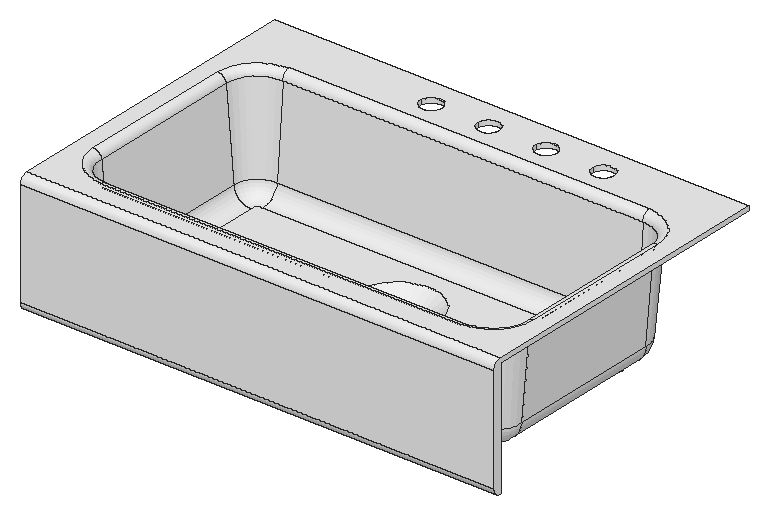
Revit family "Sink-Top_Mount-Kohler-Dickinson-6546X", category Plumbing Fixtures, Revit 2012
Parameters (values of type "White")
  zz Length 6 = 22.125"  # constant formula
  zz Length 5 [instance] = 0.000"
  zz Length 4 [instance] = if(zz Integer 1 = 4, 4.000", 0.000")  # 4.000"
  zz Length 3 = 8.750"  # constant formula
  zz Length 2 = 30.000"  # constant formula
  zz Length 1 = 33.000"  # constant formula
  zz Integer 2 = 1
  zz Integer 1 [instance] = if(Has Three Faucet Holes, 3, if(Has Four Faucet Holes, 4, 0))  # 4
  Width = 33.000"  # constant formula
  URL = "http://www.us.kohler.com/us/"
  Product Page URL = "http://www.us.kohler.com/us/catalog/productDetails.jsp?productNumber=6546-4"
  Product Material = Cast Iron - Kohler - White Enamel
  Part Number [instance] = if(zz Integer 1 = 3, if(zz Integer 2 = 1, "K-6546-3-0", if(zz Integer 2 = 2, "K-6546-3-96", if(zz Integer 2 = 3, "K-6546-3-47", if(zz Integer 2 = 4, "K-6546-3-7", "Not Available")))), if(zz Integer 1 = 4, if(zz Integer 2 = 1, "K-6546-4-0", if(zz Integer 2 = 2, "K-6546-4-96", if(zz Integer 2 = 3, "K-6546-4-47", if(zz Integer 2 = 4, "K-6546-4-7", "Not Available")))), "Not Available"))  # "K-6546-4-0"
  Part Description [instance] = if(zz Integer 1 = 3, if(zz Integer 2 = 1, "Dickinson Apron-Front Tile-In Single-Bowl Kitchen Sink With Three Faucet Holes, White", if(zz Integer 2 = 2, "Dickinson Apron-Front Tile-In Single-Bowl Kitchen Sink With Three Faucet Holes, Biscuit", if(zz Integer 2 = 3, "Dickinson Apron-Front Tile-In Single-Bowl Kitchen Sink With Three Faucet Holes, Almond", if(zz Integer 2 = 4, "Dickinson Apron-Front Tile-In Single-Bowl Kitchen Sink With Three Faucet Holes, Black", "Not Available")))), if(zz Integer 1 = 4, if(zz Integer 2 = 1, "Dickinson Apron-Front Tile-In Single-Bowl Kitchen Sink With Four Faucet Holes, White", if(zz Integer 2 = 2, "Dickinson Apron-Front Tile-In Single-Bowl Kitchen Sink With Four Faucet Holes, Biscuit", if(zz Integer 2 = 3, "Dickinson Apron-Front Tile-In Single-Bowl Kitchen Sink With Four Faucet Holes, Almond", if(zz Integer 2 = 4, "Dickinson Apron-Front Tile-In Single-Bowl Kitchen Sink With Four Faucet Holes, Black", "Not Available")))), "Not Available"))  # "Dickinson Apron-Front Tile-In Single-Bowl Kitchen Sink With Four Faucet Holes, White"
  Model Disclaimer = "Contact Kohler Company For More Information"  # constant formula
  Model = "See Part Number"  # constant formula
  Manufacturer = "Kohler Company"  # constant formula
  Height = 8.750"  # constant formula
  Has Three Faucet Holes [instance] = not(Has Four Faucet Holes)  # no
  Has Snap Locations [instance] = yes
  Has Four Faucet Holes [instance] = yes
  Faucet Holes [instance] = if(Has Three Faucet Holes, "Three", if(Has Four Faucet Holes, "Four", "Not Available"))  # "Four"
  Family Version = "1.0"  # constant formula
  Equipment Number [instance] = ""
  Equipment Abbreviation = "DSS"
  Drain Radius = 0.625"
  Drain Flow = 0 GPM
  Description = "See Part Description"  # constant formula
  Depth = 22.125"  # constant formula
  Date Modified = "March 13, 2015"  # constant formula
  Date Created = "March 13, 2015"  # constant formula
  Copyright = "Copyright ©2015 Kohler Company"  # constant formula
Types (5): name | zz Integer 2 | Product Material | Part Number | Part Description
  (no name) | 1 | Cast Iron - Kohler - White Enamel | "K-6546-4-0" | "Dickinson Apron-Front Tile-In Single-Bowl Kitchen Sink With Four Faucet Holes, White"
  White | 1 | Cast Iron - Kohler - White Enamel | "K-6546-4-0" | "Dickinson Apron-Front Tile-In Single-Bowl Kitchen Sink With Four Faucet Holes, White"
  Biscuit | 2 | Cast Iron - Kohler - Biscuit Enamel | "K-6546-4-96" | "Dickinson Apron-Front Tile-In Single-Bowl Kitchen Sink With Four Faucet Holes, Biscuit"
  Almond | 3 | Cast Iron - Kohler - Almond Enamel | "K-6546-4-47" | "Dickinson Apron-Front Tile-In Single-Bowl Kitchen Sink With Four Faucet Holes, Almond"
  Black | 4 | Cast Iron - Kohler - Black Enamel | "K-6546-4-7" | "Dickinson Apron-Front Tile-In Single-Bowl Kitchen Sink With Four Faucet Holes, Black"
Reference planes (in)
  plane 1 "Center (Front/Back)": y = 0
  plane 2 "Center (Elevation)": z = 0
  plane 3 "Center (Left/Right)": x = 0
  plane 4 "Back": y = 11.0625
  plane 5 "Front": y = -11.0625
  plane 6 "Left": x = -16.5
  plane 7 "Right": x = 16.5
  plane 8: z = -8.75
  plane 9: z = 0
  plane 10: z = -30
  plane 11: y = -8.72177
  plane 12: y = -9.02177
  plane 13: z = -7.73
  plane 14: z = -8.05
  plane 15: z = -0.55875
  plane 16: y = 7.45489
  plane 17: x = -15.3584
  plane 18: x = 15.35992
  plane 19: y = -6.69677
  plane 20: x = 13.03492
  plane 21: x = -13.0334
  plane 22: y = 5.12989
  plane 23: y = 4.62989
  plane 24: x = -12.5334
  plane 25: y = -6.19677
  plane 26: x = 12.53492
  plane 27: y = -10.47283
  plane 28: z = -0.31982
  plane 29: x = -4
  plane 30: x = 4
  plane 31: x = 8
  plane 32: y = 9.09375
  plane 33 "Snap Location Height": z = 0
  plane 34: x = 13.49845
  plane 35: y = 5.59342
  plane 36: x = -13.49692
  plane 37: y = -7.15993
  plane 38: x = -14.2334
  plane 39: y = 6.32989
  plane 40: x = 14.23492
  plane 41: y = -7.89677
  plane 42 "Drain": y = 1.09083
  plane 43: x = -2.8125
  plane 44 "Bottom": z = -14.88748
Forms (in)
  Sweep 1, solid, material "Cast Iron - Kohler - White Enamel" <- "Product Material"
    path origin (0, 0, 0) x (1, 0, 0) y (0, 1, 0)
      loop
        arc (12.53492, -6.69677) -> (12.88848, -6.55032) -> (13.03492, -6.19677) r 0.5
        line (13.03492, -6.19677) -> (13.03492, 4.62989)
        arc (13.03492, 4.62989) -> (12.88848, 4.98344) -> (12.53492, 5.12989) r 0.5
        line (12.53492, 5.12989) -> (-12.5334, 5.12989)
        arc (-12.5334, 5.12989) -> (-12.88695, 4.98344) -> (-13.0334, 4.62989) r 0.5
        line (-13.0334, 4.62989) -> (-13.0334, -6.19677)
        arc (-13.0334, -6.19677) -> (-12.88695, -6.55032) -> (-12.5334, -6.69677) r 0.5
        line (-12.5334, -6.69677) -> (12.53492, -6.69677)
    profile origin (0.00076, -6.69677, 0) x (0, -1, 0) y (0, 0, 1)
      loop
        line (1.49429, -6.6797) -> (2.02591, -0.54821)
        arc (2.02591, -0.54821) -> (2.10601, -0.38556) -> (2.27498, -0.31982) r 0.25
        line (2.27498, -0.31982) -> (2.325, -0.31982) -> (2.325, 0) -> (2.2753, 0)
        arc (2.2753, 0) -> (1.89007, -0.14988) -> (1.70743, -0.52071) r 0.57
        line (1.70743, -0.52071) -> (1.17548, -6.6521)
        arc (1.17548, -6.6521) -> (0.79743, -7.41973) -> (0, -7.73) r 1.17989
        line (0, -7.73) -> (0, -8.05)
        arc (0, -8.05) -> (1.01373, -7.65556) -> (1.49429, -6.6797) r 1.49989
  Extrusion 2, solid, material "Cast Iron - Kohler - White Enamel" <- "Product Material"
    sketch origin (0, 0, 0) x (1, 0, 0) y (0, 1, 0)
      loop
        arc (-12.5334, 5.12989) -> (-12.88695, 4.98344) -> (-13.0334, 4.62989) r 0.5
        line (-13.0334, 4.62989) -> (-13.0334, -6.19677)
        arc (-13.0334, -6.19677) -> (-12.88695, -6.55032) -> (-12.5334, -6.69677) r 0.5
        line (-12.5334, -6.69677) -> (12.53492, -6.69677)
        arc (12.53492, -6.69677) -> (12.88848, -6.55032) -> (13.03492, -6.19677) r 0.5
        line (13.03492, -6.19677) -> (13.03492, 4.62989)
        arc (13.03492, 4.62989) -> (12.88848, 4.98344) -> (12.53492, 5.12989) r 0.5
        line (12.53492, 5.12989) -> (-12.5334, 5.12989)
    from -8.05 to -7.73
  Extrusion 3, solid, material "Cast Iron - Kohler - White Enamel" <- "Product Material"
    sketch origin (0, 0, 0) x (1, 0, 0) y (0, 1, 0)
      loop
        line (-16.5, 11.0625) -> (-16.5, -10.47283) -> (16.5, -10.47283) -> (16.5, 11.0625) -> (-16.5, 11.0625)
      loop
        arc (-12.5334, 7.45489) -> (-14.53097, 6.62747) -> (-15.3584, 4.62989) r 2.825
        line (-15.3584, 4.62989) -> (-15.3584, -6.19677)
        arc (-15.3584, -6.19677) -> (-14.53097, -8.19434) -> (-12.5334, -9.02177) r 2.825
        line (-12.5334, -9.02177) -> (12.53492, -9.02177)
        arc (12.53492, -9.02177) -> (14.5325, -8.19434) -> (15.35992, -6.19677) r 2.825
        line (15.35992, -6.19677) -> (15.35992, 4.62989)
        arc (15.35992, 4.62989) -> (14.5325, 6.62747) -> (12.53492, 7.45489) r 2.825
        line (12.53492, 7.45489) -> (-12.5334, 7.45489)
      loop
        circle (-4, 9.09375) r 0.75
      loop
        circle (0, 9.09375) r 0.75
      loop
        circle (4, 9.09375) r 0.75
    from -0.31982 to 0
  Extrusion 4, solid, material "Cast Iron - Kohler - White Enamel" <- "Product Material"
    sketch origin (0, 0, 0) x (0, 1, 0) y (0, 0, 1)
      loop
        arc (-10.47283, 0) -> (-10.88979, -0.17271) -> (-11.0625, -0.58967) r 0.58967
        line (-11.0625, -0.58967) -> (-11.0625, -7.91033)
        arc (-11.0625, -7.91033) -> (-10.88979, -8.32729) -> (-10.47283, -8.5) r 0.58967
        line (-10.47283, -8.5) -> (-10.47283, 0)
    from -16.5 to 16.5
  Extrusion 5, void
    sketch origin (0, 0, 0) x (1, 0, 0) y (0, 1, 0)
      loop
        circle (8, 9.09375) r 0.75
    from -0.31982 to 0
  Extrusion 6, solid, material "Snap Locations", visible <- "Has Snap Locations"
    sketch origin (0, 0, 0) x (1, 0, 0) y (0, 1, 0)
      loop
        circle (4, 9.09375) r 0.75
      loop
        circle (0, 9.09375) r 0.75
      loop
        circle (-4, 9.09375) r 0.75
    from -0.31982 to 0
  Extrusion 7, solid, material "Snap Locations", visible <- "Has Snap Locations"
    sketch origin (0, 0, 0) x (1, 0, 0) y (0, 1, 0)
      loop
        circle (8, 9.09375) r 0.75
    from -0.31982 to 0
  Extrusion 8, solid, material "Cast Iron - Kohler - White Enamel" <- "Product Material"
    sketch origin (0, 0, 0) x (1, 0, 0) y (0, 1, 0)
      loop
        circle (-12.5334, 4.62989) r 0.3
      loop
        circle (-12.5334, -6.19677) r 0.3
      loop
        circle (12.53492, -6.19677) r 0.3
      loop
        circle (12.53492, 4.62989) r 0.3
    from -8.75 to -8.05
  Revolve 9, solid, material "Cast Iron - Kohler - White Enamel" <- "Product Material"
    sketch origin (-60, 1.09083, 120) x (-1, 0, 0) y (0, 0, 1)
      loop
        line (-57.1875, -128.05) -> (-57.1875, -127.73) -> (-58.28224, -128.64946)
        arc (-58.28224, -128.64946) -> (-58.37035, -128.7399) -> (-58.4025, -128.862) r 0.24796
        line (-58.4025, -128.862) -> (-58.4025, -129.39833)
        arc (-58.4025, -129.39833) -> (-58.43126, -129.48957) -> (-58.50716, -129.5478) r 0.15906
        line (-58.50716, -129.5478) -> (-58.80939, -129.65781)
        arc (-58.80939, -129.65781) -> (-59.02743, -129.82512) -> (-59.11008, -130.08724) r 0.45699
        line (-59.11008, -130.08724) -> (-59.11008, -130.81374)
        arc (-59.11008, -130.81374) -> (-59.13855, -130.88248) -> (-59.20729, -130.91096) r 0.09721
        line (-59.20729, -130.91096) -> (-59.25634, -130.91096)
        arc (-59.25634, -130.91096) -> (-59.2917, -130.9256) -> (-59.30634, -130.96096) r 0.05
        line (-59.30634, -130.96096) -> (-59.30634, -134.88748) -> (-59.25634, -134.88748) -> (-59.25634, -130.96096) -> (-59.20729, -130.96096)
        arc (-59.20729, -130.96096) -> (-59.1032, -130.91784) -> (-59.06008, -130.81374) r 0.14721
        line (-59.06008, -130.81374) -> (-59.06008, -130.08724)
        arc (-59.06008, -130.08724) -> (-58.98648, -129.8538) -> (-58.79229, -129.70479) r 0.40699
        line (-58.79229, -129.70479) -> (-58.49006, -129.59479)
        arc (-58.49006, -129.59479) -> (-58.3903, -129.51824) -> (-58.3525, -129.39833) r 0.20906
        line (-58.3525, -129.39833) -> (-58.3525, -128.862)
        arc (-58.3525, -128.862) -> (-58.32683, -128.76452) -> (-58.25649, -128.69232) r 0.19796
        line (-58.25649, -128.69232) -> (-57.1875, -128.05)
      axis (-60, -127.73) -> (-60, -134.88748)
    angle from 0 to 360
  Extrusion 10, void
    sketch origin (0, 0, 0) x (1, 0, 0) y (0, 1, 0)
      loop
        circle (0, 1.09083) r 2.8125
    from -14.88748 to -7.73
  Extrusion 11, void
    sketch origin (0, 0, 0) x (0, 1, 0) y (0, 0, 1)
      loop
        line (-10.47283, 0) -> (-10.47283, -8.5) -> (-9.02177, -8.5) -> (-9.02177, -14.88748) -> (7.45489, -14.88748) -> (7.45489, -0.31982) -> (11.0625, -0.31982) -> (11.0625, 0) -> (-10.47283, 0)
    from -16.5 to 16.5
Cuts and joins
  Extrusion 10 cuts Sweep 1
  Extrusion 10 cuts Extrusion 2
  Extrusion 5, Extrusion 10 cuts Extrusion 3
  Extrusion 10 cuts Extrusion 4
  joined: Sweep 1, Extrusion 2, Extrusion 3, Extrusion 4, Revolve 9
Lines and regions (in)
  Masking region 1, visible <- "Has Three Faucet Holes"
    outline origin (-60, -180, 0) x (-1, 0, 0) y (0, -1, 0)
      loop
        line (-43.5, -191.0625) -> (-43.5, -169.52717)
        arc (-43.5, -169.52717) -> (-43.67271, -169.11021) -> (-44.08967, -168.9375) r 0.58967
        line (-44.08967, -168.9375) -> (-75.91033, -168.9375)
        arc (-75.91033, -168.9375) -> (-76.32729, -169.11021) -> (-76.5, -169.52717) r 0.58967
        line (-76.5, -169.52717) -> (-76.5, -191.0625) -> (-43.5, -191.0625)
      loop
        circle (-56, -189.09375) r 0.75
      loop
        circle (-60, -189.09375) r 0.75
      loop
        circle (-64, -189.09375) r 0.75
  Masking region 2
    outline origin (-60, -180, 0) x (-1, 0, 0) y (0, -1, 0)
      loop
        arc (-46.50308, -187.45489) -> (-45.18682, -186.90968) -> (-44.6416, -185.59342) r 1.86147
        line (-44.6416, -185.59342) -> (-44.6416, -172.84007)
        arc (-44.6416, -172.84007) -> (-45.18692, -171.52355) -> (-46.50345, -170.97823) r 1.86184
        line (-46.50345, -170.97823) -> (-73.49808, -170.97823)
        arc (-73.49808, -170.97823) -> (-74.8146, -171.52355) -> (-75.35992, -172.84007) r 1.86184
        line (-75.35992, -172.84007) -> (-75.35992, -185.59342)
        arc (-75.35992, -185.59342) -> (-74.81471, -186.90968) -> (-73.49845, -187.45489) r 1.86147
        line (-73.49845, -187.45489) -> (-46.50308, -187.45489)
  Masking region 3, visible <- "Has Four Faucet Holes"
    outline origin (-60, -180, 0) x (-1, 0, 0) y (0, -1, 0)
      loop
        line (-43.5, -191.0625) -> (-43.5, -169.52717)
        arc (-43.5, -169.52717) -> (-43.67271, -169.11021) -> (-44.08967, -168.9375) r 0.58967
        line (-44.08967, -168.9375) -> (-75.91033, -168.9375)
        arc (-75.91033, -168.9375) -> (-76.32729, -169.11021) -> (-76.5, -169.52717) r 0.58967
        line (-76.5, -169.52717) -> (-76.5, -191.0625) -> (-43.5, -191.0625)
      loop
        circle (-56, -189.09375) r 0.75
      loop
        circle (-60, -189.09375) r 0.75
      loop
        circle (-64, -189.09375) r 0.75
      loop
        circle (-68, -189.09375) r 0.75
  model lines, style "Snap Locations", visible <- "Has Snap Locations"
    curve 1: line (-4, 9.84375, 0) -> (-4, 8.34375, 0)
    curve 2: line (0, 9.84375, 0) -> (0, 8.34375, 0)
    curve 3: line (4, 9.84375, 0) -> (4, 8.34375, 0)
    curve 4: line (8, 9.84375, 0) -> (8, 8.34375, 0)
    curve 5: line (-4.75, 9.09375, 0) -> (-3.25, 9.09375, 0)
    curve 6: line (-0.75, 9.09375, 0) -> (0.75, 9.09375, 0)
    curve 7: line (3.25, 9.09375, 0) -> (4.75, 9.09375, 0)
    curve 8: line (7.25, 9.09375, 0) -> (8.75, 9.09375, 0)
  symbolic lines, detail levels fine
    curve 9: line (-13.0334, 6.32989, 0) -> (13.03492, 6.32989, 0)
    curve 10: line (-14.2334, -6.69677, 0) -> (-14.2334, 5.12989, 0)
    curve 11: line (13.03492, -7.89677, 0) -> (-13.0334, -7.89677, 0)
    curve 12: arc (-14.2334, 5.12989, 0) -> (-13.88192, 5.97842, 0) -> (-13.0334, 6.32989, 0) r 1.2
    curve 13: arc (-14.2334, -6.69677, 0) -> (-13.88192, -7.5453, 0) -> (-13.0334, -7.89677, 0) r 1.2
    curve 14: line (14.23492, -6.69677, 0) -> (14.23492, 5.12989, 0)
    curve 15: arc (14.23492, 5.12989, 0) -> (13.88345, 5.97842, 0) -> (13.03492, 6.32989, 0) r 1.2
    curve 16: arc (14.23492, -6.69677, 0) -> (13.88345, -7.5453, 0) -> (13.03492, -7.89677, 0) r 1.2
    curve 26: circle (0, 1.09083, 0) r 2.8301 normal (0, 0, 1)
  symbolic lines
    curve 17: line (-12.5334, 5.12989, 0) -> (12.53492, 5.12989, 0)
    curve 18: line (-13.0334, -6.19677, 0) -> (-13.0334, 4.62989, 0)
    curve 19: line (12.53492, -6.69677, 0) -> (-12.5334, -6.69677, 0)
    curve 20: line (13.03492, 4.62989, 0) -> (13.03492, -6.19677, 0)
    curve 21: arc (-13.0334, 4.62989, 0) -> (-12.88695, 4.98344, 0) -> (-12.5334, 5.12989, 0) r 0.5
    curve 22: arc (-13.0334, -6.19677, 0) -> (-12.88695, -6.55032, 0) -> (-12.5334, -6.69677, 0) r 0.5
    curve 23: arc (12.53492, -6.69677, 0) -> (12.88848, -6.55032, 0) -> (13.03492, -6.19677, 0) r 0.5
    curve 24: arc (13.03492, 4.62989, 0) -> (12.88848, 4.98344, 0) -> (12.53492, 5.12989, 0) r 0.5
    curve 25: circle (0, 1.09083, 0) r 2.25 normal (0, 0, 1)
Dimensions and locks (in)
  equal spacing: plane 5 "Front", plane 1 "Center (Front/Back)", plane 4 "Back"
  equal spacing: plane 6 "Left", plane 3 "Center (Left/Right)", plane 7 "Right"
  "zz Length 1": plane 6 "Left" to plane 7 "Right"
  "zz Length 6": plane 4 "Back" to plane 5 "Front"
  "zz Length 3": plane 9 to plane 8
  locked: plane 2 "Center (Elevation)" to plane 10 at 30
  "zz Length 2": plane 9 to plane 10
  Sweep 1 sketch curve to Sweep 1 sketch curve to Sweep 1 sketch curve to Sweep 1 sketch curve to Sweep 1 sketch curve to Sweep 1 sketch curve to plane 1 "Center (Front/Back)" = 0.00032" locked, 0.24906" locked, 0.31848" locked, 0.21315" locked, 0.31881" locked, 7.87225" locked
  Sweep 1 sketch curve to Sweep 1 sketch curve to Sweep 1 sketch curve to Sweep 1 sketch curve to Sweep 1 sketch curve to Sweep 1 sketch curve to Sweep 1 sketch curve to plane 8 = 0.20089" locked, 0.02751" locked, 6.10389" locked, 0.02759" locked, 1.0503" locked, 0.320" locked, 0.700" locked
  plane 9 to plane 28 to plane 15 = 0.31982" locked, 0.23893" locked
  plane 13 to plane 14 to plane 8 to plane 44 "Bottom" = 0.320" locked, 0.700" locked, 6.13748" locked
  equal spacing: plane 29, plane 3 "Center (Left/Right)", plane 30
  "zz Length 4": plane 30 to plane 31
  locked: plane 29 to plane 30 at 8
  curve 5 to plane 29 to curve 5 to curve 6 to curve 6 to curve 7 to curve 7 = 0.750" locked, 0.750" locked, 2.500" locked, 1.500" locked, 2.500" locked, 1.500" locked
  curve 8 to plane 31 to curve 8 = 0.750" locked, 0.750" locked
  curve 1 to curve 2 to curve 3 to curve 4 to plane 32 to curve 1 to curve 2 to curve 3 to curve 4 = 0.000" locked, 0.000" locked, 0.000" locked, 0.750" locked, 0.750" locked, 0.000" locked, 0.000" locked, 0.000" locked
  "zz Length 5": plane 33 "Snap Location Height" to plane 9
  plane 3 "Center (Left/Right)" to Revolve 9 sketch curve to Revolve 9 sketch curve to Revolve 9 sketch curve to Revolve 9 sketch curve to Revolve 9 sketch curve to Revolve 9 sketch curve to Revolve 9 sketch curve to Revolve 9 sketch curve to Revolve 9 sketch curve to Revolve 9 sketch curve to Revolve 9 sketch curve to Revolve 9 sketch curve to Revolve 9 sketch curve to Revolve 9 sketch curve to Revolve 9 sketch curve = 0.69366" locked, 0.050" locked, 0.000" locked, 0.04905" locked, 0.000" locked, 0.09721" locked, 0.050" locked, 0.25069" locked, 0.0171" locked, 0.28513" locked, 0.0171" locked, 0.08756" locked, 0.050" locked, 0.07025" locked, 0.02575" locked
  Revolve 9 sketch curve to Revolve 9 sketch curve to Revolve 9 sketch curve to Revolve 9 sketch curve to Revolve 9 sketch curve to Revolve 9 sketch curve to Revolve 9 sketch curve to Revolve 9 sketch curve to Revolve 9 sketch curve to Revolve 9 sketch curve to Revolve 9 sketch curve to Revolve 9 sketch curve to Revolve 9 sketch curve to Revolve 9 sketch curve to Revolve 9 sketch curve to Revolve 9 sketch curve to Revolve 9 sketch curve to plane 44 "Bottom" = 0.04286" locked, 0.16969" locked, 0.000" locked, 0.53633" locked, 0.000" locked, 0.14947" locked, 0.04698" locked, 0.06302" locked, 0.04698" locked, 0.38245" locked, 0.000" locked, 0.72651" locked, 0.000" locked, 0.09721" locked, 0.050" locked, 0.000" locked, 3.92652" locked
  locked: Extrusion 11 sketch curve to plane 8 at 0.25
  Extrusion 4 sketch curve to Extrusion 4 sketch curve to Extrusion 4 sketch curve to Extrusion 4 sketch curve to plane 8 = 0.58967" locked, 7.32066" locked, 0.58967" locked, 0.250" locked
  plane 4 "Back" to plane 32 to plane 16 to plane 39 to plane 35 to plane 22 to plane 23 to plane 42 "Drain" = 1.96875" locked, 1.63886" locked, 1.125" locked, 0.73647" locked, 0.46353" locked, 0.500" locked, 3.53906" locked
  plane 25 to plane 19 to plane 37 to plane 41 to plane 11 to plane 12 to plane 27 to plane 5 "Front" = 0.500" locked, 0.46316" locked, 0.73684" locked, 0.825" locked, 0.300" locked, 1.45106" locked, 0.58967" locked
  plane 26 to plane 20 to plane 34 to plane 40 to plane 18 to plane 7 "Right" = 0.500" locked, 0.46353" locked, 0.73647" locked, 1.125" locked, 1.14008" locked
  plane 6 "Left" to plane 17 to plane 38 to plane 36 to plane 21 to plane 24 = 1.1416" locked, 1.125" locked, 0.73647" locked, 0.46353" locked, 0.500" locked
  locked: plane 3 "Center (Left/Right)" to Masking region 3 sketch curve at 8
  aligned and locked: plane 2 "Center (Elevation)" to level
  aligned and locked: Sweep 1 sketch curve to plane 9
  aligned and locked: plane 12 to Sweep 1 sketch curve
  aligned and locked: plane 21 to Sweep 1 sketch curve
  aligned and locked: Sweep 1 sketch curve to plane 22
  aligned and locked: Sweep 1 sketch curve to plane 20
  aligned and locked: plane 19 to Sweep 1 sketch curve  (x2)
  aligned and locked: plane 24 to Sweep 1 sketch curve  (x2)
  aligned and locked: plane 26 to Sweep 1 sketch curve  (x2)
  aligned and locked: plane 23 to Sweep 1 sketch curve  (x2)
  aligned and locked: plane 25 to Sweep 1 sketch curve  (x2)
  aligned and locked: Extrusion 2 sketch curve to plane 22
  aligned and locked: plane 21 to Extrusion 2 sketch curve
  aligned and locked: plane 19 to Extrusion 2 sketch curve
  aligned and locked: Extrusion 2 sketch curve to plane 20
  aligned and locked: plane 24 to Extrusion 2 sketch curve  (x2)
  aligned and locked: plane 23 to Extrusion 2 sketch curve  (x2)
  aligned and locked: plane 25 to Extrusion 2 sketch curve  (x2)
  aligned and locked: plane 26 to Extrusion 2 sketch curve  (x2)
  aligned and locked: plane 13 to Extrusion 2
  aligned and locked: Extrusion 2 to plane 14
  aligned and locked: Extrusion 3 sketch curve to plane 7 "Right"
  aligned and locked: Extrusion 3 sketch curve to plane 4 "Back"
  aligned and locked: plane 6 "Left" to Extrusion 3 sketch curve
  aligned and locked: plane 27 to Extrusion 3 sketch curve
  aligned and locked: plane 9 to Extrusion 3
  aligned and locked: Extrusion 3 to plane 28
  aligned and locked: Extrusion 3 sketch curve to plane 16
  aligned and locked: plane 17 to Extrusion 3 sketch curve
  aligned and locked: Extrusion 3 sketch curve to plane 18
  aligned and locked: plane 12 to Extrusion 3 sketch curve
  aligned and locked: plane 24 to Extrusion 3 sketch curve  (x2)
  aligned and locked: plane 23 to Extrusion 3 sketch curve  (x2)
  aligned and locked: plane 25 to Extrusion 3 sketch curve  (x2)
  aligned and locked: plane 26 to Extrusion 3 sketch curve  (x2)
  aligned and locked: plane 7 "Right" to Extrusion 4
  aligned and locked: Extrusion 4 to plane 6 "Left"
  aligned and locked: plane 29 to Extrusion 3 sketch curve
  aligned and locked: plane 3 "Center (Left/Right)" to Extrusion 3 sketch curve
  aligned and locked: plane 30 to Extrusion 3 sketch curve
  aligned and locked: plane 32 to Extrusion 3 sketch curve  (x3)
  aligned and locked: plane 31 to Extrusion 5 sketch curve
  aligned and locked: plane 32 to Extrusion 5 sketch curve
  aligned and locked: plane 9 to Extrusion 5
  aligned and locked: Extrusion 5 to plane 28
  aligned and locked: plane 29 to Extrusion 6 sketch curve
  aligned and locked: plane 3 "Center (Left/Right)" to Extrusion 6 sketch curve
  aligned and locked: plane 30 to Extrusion 6 sketch curve
  aligned and locked: plane 32 to Extrusion 6 sketch curve  (x3)
  aligned and locked: Extrusion 6 to plane 28
  aligned and locked: plane 31 to Extrusion 7 sketch curve
  aligned and locked: plane 32 to Extrusion 7 sketch curve
  aligned and locked: Extrusion 7 to plane 28
  aligned and locked: plane 33 "Snap Location Height" to Extrusion 6
  aligned and locked: plane 33 "Snap Location Height" to Extrusion 7
  aligned and locked: plane 24 to Extrusion 8 sketch curve  (x2)
  aligned and locked: plane 23 to Extrusion 8 sketch curve  (x2)
  aligned and locked: plane 25 to Extrusion 8 sketch curve  (x2)
  aligned and locked: plane 26 to Extrusion 8 sketch curve  (x2)
  aligned and locked: plane 14 to Extrusion 8
  aligned and locked: Extrusion 8 to plane 8
  aligned and locked: plane 6 "Left" to Masking region 1 sketch curve
  aligned and locked: Masking region 1 sketch curve to plane 4 "Back"
  aligned and locked: Masking region 1 sketch curve to plane 7 "Right"
  aligned and locked: plane 5 "Front" to Masking region 1 sketch curve
  aligned and locked: Masking region 2 sketch curve to plane 16
  aligned and locked: plane 17 to Masking region 2 sketch curve
  aligned and locked: Masking region 2 sketch curve to plane 18
  aligned and locked: plane 12 to Masking region 2 sketch curve
  aligned and locked: plane 36 to Masking region 2 sketch curve
  aligned and locked: plane 35 to Masking region 2 sketch curve  (x2)
  aligned and locked: plane 34 to Masking region 2 sketch curve
  aligned and locked: plane 37 to Masking region 2 sketch curve  (x2)
  aligned and locked: plane 38 to curve 10
  aligned and locked: curve 9 to plane 39
  aligned and locked: plane 41 to curve 11
  aligned and locked: plane 21 to curve 12
  aligned and locked: plane 21 to curve 13
  aligned and locked: plane 20 to curve 15
  aligned and locked: plane 20 to curve 16
  aligned and locked: plane 19 to curve 16
  aligned and locked: plane 19 to curve 13
  aligned and locked: plane 22 to curve 12
  aligned and locked: plane 22 to curve 15
  aligned and locked: plane 21 to curve 18
  aligned and locked: curve 20 to plane 20
  aligned and locked: curve 17 to plane 22
  aligned and locked: plane 19 to curve 19
  aligned and locked: plane 24 to curve 21
  aligned and locked: plane 23 to curve 21
  aligned and locked: plane 25 to curve 22
  aligned and locked: plane 24 to curve 22
  aligned and locked: plane 26 to curve 23
  aligned and locked: plane 25 to curve 23
  aligned and locked: plane 26 to curve 24
  aligned and locked: plane 23 to curve 24
  aligned and locked: plane 29 to Masking region 1 sketch curve
  aligned and locked: plane 3 "Center (Left/Right)" to Masking region 1 sketch curve
  aligned and locked: plane 30 to Masking region 1 sketch curve
  aligned and locked: plane 32 to Masking region 1 sketch curve  (x3)
  aligned and locked: Masking region 3 sketch curve to plane 4 "Back"
  aligned and locked: plane 5 "Front" to Masking region 3 sketch curve
  aligned and locked: plane 6 "Left" to Masking region 3 sketch curve
  aligned and locked: Masking region 3 sketch curve to plane 7 "Right"
  aligned and locked: plane 32 to Masking region 3 sketch curve  (x4)
  aligned and locked: plane 30 to Masking region 3 sketch curve
  aligned and locked: plane 3 "Center (Left/Right)" to Masking region 3 sketch curve
  aligned and locked: plane 29 to Masking region 3 sketch curve
  aligned and locked: plane 3 "Center (Left/Right)" to curve 25
  aligned and locked: plane 42 "Drain" to curve 25
  aligned and locked: plane 3 "Center (Left/Right)" to curve 26
  aligned and locked: plane 42 "Drain" to curve 26
  aligned and locked: plane 43 to Revolve 9 sketch curve
  aligned and locked: Revolve 9 sketch curve to plane 44 "Bottom"
  aligned and locked: plane 14 to Revolve 9 sketch curve
  aligned and locked: plane 13 to Revolve 9 sketch curve
  aligned and locked: plane 3 "Center (Left/Right)" to Extrusion 10 sketch curve
  aligned and locked: plane 42 "Drain" to Extrusion 10 sketch curve
  aligned and locked: plane 13 to Extrusion 10
  aligned and locked: Extrusion 10 to plane 44 "Bottom"
  aligned and locked: Extrusion 11 sketch curve to plane 27
  aligned and locked: Extrusion 11 sketch curve to plane 9
  aligned and locked: Extrusion 11 sketch curve to plane 16
  aligned and locked: plane 28 to Extrusion 11 sketch curve
  aligned and locked: Extrusion 11 sketch curve to plane 4 "Back"
  aligned and locked: plane 44 "Bottom" to Extrusion 11 sketch curve
  aligned and locked: Extrusion 11 sketch curve to plane 12
  aligned and locked: plane 7 "Right" to Extrusion 11
  aligned and locked: Extrusion 11 to plane 6 "Left"
  aligned and locked: Extrusion 4 sketch curve to plane 27
  aligned and locked: plane 5 "Front" to Extrusion 4 sketch curve
Automatic sketch dimensions
  curve 4 to plane 31 = 0.000"
  curve 3 to plane 30 = 0.000"
  curve 2 to plane 3 "Center (Left/Right)" = 0.000"
  curve 1 to plane 29 = 0.000"
  curve 7 to plane 32 = 0.000"
  curve 8 to plane 32 = 0.000"
  curve 6 to plane 32 = 0.000"
  curve 5 to plane 32 = 0.000"
  Masking region 1 sketch curve to plane 27 = 0.000"  (x2)
  Masking region 3 sketch curve to plane 27 = 0.000"  (x2)
  Revolve 9 sketch curve to plane 3 "Center (Left/Right)" = 0.000"
  Revolve 9 sketch curve to level = 6.30875"
  Revolve 9 sketch curve to plane 15 = 1.500"
  radius of Extrusion 3 sketch curve = 0.750"  (x3)
  radius of Extrusion 5 sketch curve = 0.750"
  radius of Extrusion 6 sketch curve = 0.750"  (x3)
  radius of Extrusion 7 sketch curve = 0.750"
  radius of Extrusion 8 sketch curve = 0.300"  (x4)
  radius of Masking region 1 sketch curve = 0.750"  (x3)
  radius of Masking region 3 sketch curve = 0.750"  (x4)
  radius of curve 25 = 2.250"
  radius of curve 26 = 2.8301"
  radius of Extrusion 10 sketch curve = 2.8125"
Connectors (in)
  piping at (0, 1.09083, -14.88748), driven by "Drain Flow", driven by "Drain Radius"
    settings: on cut or joined group of Sweep 1, Extrusion 2, Extrusion 3, Extrusion 4, Extrusion 5, Revolve 9, Extrusion 10, index 1, connector radius 5/8", flow factor 0, pipe flow 0 GPM, pressure drop 0.00 psi, fitting loss kfactor 0, connector angle 0.000°, fixture units 0, engagement length 0.000", flow configuration 0, flow direction 2, fitting loss method 0, system type 16, joint type 0, gender type 0, connector reference index -1, connector utility 0, adjustable connector no, is connector primary yes, fitting loss table "", connector description "Drain"
